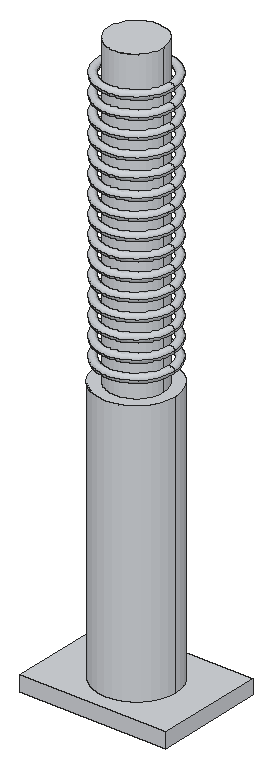
Revit family "Hydraulic Buffer with Spring v2", category Mechanical Equipment, Revit 2022
Family settings
  Round Connector Dimension = Use Diameter
  Part Type = Normal
  OmniClass Number = 23.75.00.00
  OmniClass Title = Climate Control (HVAC)
  Work Plane-Based = No
  Always vertical = Yes
  Cut with Voids When Loaded = No
  Maintain Annotation Orientation = No
  Shared = No
  Room Calculation Point = No
Parameters (values of type "YHC275/A")
  LiftBuffer_Stroke = 100
  Stroke Diameter = 75 mm
  Mounting plate width = 150 mm
  Mounting plate height = 20 mm
  Mounting plate Length = 200 mm
  LiftBuffer_RatedSpeed = 2.0 m/s
  LiftBuffer_FixedToCar = yes
  LiftBuffer_ImpactMassRange = 3000
  Buffer Height = 810 mm
  Default Elevation = 0 mm
  Cylinder Height = 385 mm
  Cylinder Diameter = 108 mm
Types (4, lengths in mm): name | LiftBuffer_Stroke | LiftBuffer_RatedSpeed | LiftBuffer_ImpactMassRange | Buffer Height | Cylinder Height
  (no name) | 100 | 2.0 m/s | 3000 | 810 | 385
  YHC175/A | 0 | 0.0 m/s | 0 | 580 | 290
  YHC275/A | 100 | 2.0 m/s | 3000 | 810 | 385
  YHC206 | 0 | 0.0 m/s | 0 | 673 | 336.5
Reference planes
  plane 1 "Center (Front/Back)": y = 0
  plane 2: z = 0
  plane 3 "Center (Left/Right)": x = 0
  plane 4 "Mounting plate": z = 200
  plane 5 "Cylinder Height": z = 900
  plane 6 "Free stroke height": z = 1600
Forms (mm)
  Extrusion 1, solid
    sketch origin (0, 0, 0) x (1, 0, 0) y (0, 1, 0)
      loop
        line (-100, 75) -> (-100, -75) -> (100, -75) -> (100, 75) -> (-100, 75)
    from 0 to 20 <- "Mounting plate height"
  Extrusion 2, solid
    sketch origin (0, 0, 0) x (1, 0, 0) y (0, 1, 0)
      loop
        circle (0, 0) r 54
    from 0 to 385 <- "Cylinder Height"
  Extrusion 3, solid
    sketch origin (0, 0, 0) x (1, 0, 0) y (0, 1, 0)
      loop
        circle (0, 0) r 37.5
    from 385 to 810 <- "Buffer Height"
  Revolve 4, solid
    sketch origin (0, 0, 0) x (1, 0, 0) y (0, 0, 1)
      loop
        circle (-47.188, 415.484) r 5
      axis (0, 415.484) -> (0, 414.484)
    angle from 0 to 360
  Revolve 5, solid
    sketch origin (0, 0, 25) x (1, 0, 0) y (0, 0, 1)
      loop
        circle (-47.188, 415.484) r 5
      axis (0, 415.484) -> (0, 414.484)
    angle from 0 to 360
  Revolve 6, solid
    sketch origin (0, 0, 50) x (1, 0, 0) y (0, 0, 1)
      loop
        circle (-47.188, 415.484) r 5
      axis (0, 415.484) -> (0, 414.484)
    angle from 0 to 360
  Revolve 7, solid
    sketch origin (0, 0, 75) x (1, 0, 0) y (0, 0, 1)
      loop
        circle (-47.188, 415.484) r 5
      axis (0, 415.484) -> (0, 414.484)
    angle from 0 to 360
  Revolve 8, solid
    sketch origin (0, 0, 100) x (1, 0, 0) y (0, 0, 1)
      loop
        circle (-47.188, 415.484) r 5
      axis (0, 415.484) -> (0, 414.484)
    angle from 0 to 360
  Revolve 9, solid
    sketch origin (0, 0, 125) x (1, 0, 0) y (0, 0, 1)
      loop
        circle (-47.188, 415.484) r 5
      axis (0, 415.484) -> (0, 414.484)
    angle from 0 to 360
  Revolve 10, solid
    sketch origin (0, 0, 150) x (1, 0, 0) y (0, 0, 1)
      loop
        circle (-47.188, 415.484) r 5
      axis (0, 415.484) -> (0, 414.484)
    angle from 0 to 360
  Revolve 11, solid
    sketch origin (0, 0, 175) x (1, 0, 0) y (0, 0, 1)
      loop
        circle (-47.188, 415.484) r 5
      axis (0, 415.484) -> (0, 414.484)
    angle from 0 to 360
  Revolve 12, solid
    sketch origin (0, 0, 200) x (1, 0, 0) y (0, 0, 1)
      loop
        circle (-47.188, 415.484) r 5
      axis (0, 415.484) -> (0, 414.484)
    angle from 0 to 360
  Revolve 13, solid
    sketch origin (0, 0, 225) x (1, 0, 0) y (0, 0, 1)
      loop
        circle (-47.188, 415.484) r 5
      axis (0, 415.484) -> (0, 414.484)
    angle from 0 to 360
  Revolve 14, solid
    sketch origin (0, 0, 250) x (1, 0, 0) y (0, 0, 1)
      loop
        circle (-47.188, 415.484) r 5
      axis (0, 415.484) -> (0, 414.484)
    angle from 0 to 360
  Revolve 15, solid
    sketch origin (0, 0, 275) x (1, 0, 0) y (0, 0, 1)
      loop
        circle (-47.188, 415.484) r 5
      axis (0, 415.484) -> (0, 414.484)
    angle from 0 to 360
  Revolve 16, solid
    sketch origin (0, 0, 300) x (1, 0, 0) y (0, 0, 1)
      loop
        circle (-47.188, 415.484) r 5
      axis (0, 415.484) -> (0, 414.484)
    angle from 0 to 360
  Revolve 17, solid
    sketch origin (0, 0, 325) x (1, 0, 0) y (0, 0, 1)
      loop
        circle (-47.188, 415.484) r 5
      axis (0, 415.484) -> (0, 414.484)
    angle from 0 to 360
  Revolve 18, solid
    sketch origin (0, 0, 350) x (1, 0, 0) y (0, 0, 1)
      loop
        circle (-47.188, 415.484) r 5
      axis (0, 415.484) -> (0, 414.484)
    angle from 0 to 360
Dimensions and locks
  equal spacing: Extrusion 1 sketch curve, plane 1 "Center (Front/Back)", Extrusion 1 sketch curve
  equal spacing: Extrusion 1 sketch curve, plane 3 "Center (Left/Right)", Extrusion 1 sketch curve
  "Mounting plate Length": Extrusion 1 sketch curve to Extrusion 1 sketch curve
  "Mounting plate width": Extrusion 1 sketch curve to Extrusion 1 sketch curve
  equal spacing: group 1, group 2, group 3, group 4, group 5, group 6, group 7, group 8, group 9, group 10, group 11, group 12, group 13, group 14, group 15  (x3)
  "Cylinder Diameter": diameter of Extrusion 2 sketch curve
  "Stroke Diameter": diameter of Extrusion 3 sketch curve
  aligned and locked: level to plane 2
  aligned and locked: Extrusion 2 to Extrusion 3
Automatic sketch dimensions
  Revolve 4 sketch curve to Revolve 4 sketch curve = 10.484 mm
  Revolve 4 sketch curve to Revolve 4 sketch curve = 25 mm
  Revolve 4 sketch curve to Revolve 4 sketch curve = 47.188 mm
  Revolve 5 sketch curve to Revolve 5 sketch curve = 10.484 mm
  Revolve 5 sketch curve to Revolve 5 sketch curve = 25 mm
  Revolve 5 sketch curve to Revolve 5 sketch curve = 47.188 mm
  Revolve 6 sketch curve to Revolve 6 sketch curve = 10.484 mm
  Revolve 6 sketch curve to Revolve 6 sketch curve = 25 mm
  Revolve 6 sketch curve to Revolve 6 sketch curve = 47.188 mm
  Revolve 7 sketch curve to Revolve 7 sketch curve = 10.484 mm
  Revolve 7 sketch curve to Revolve 7 sketch curve = 25 mm
  Revolve 7 sketch curve to Revolve 7 sketch curve = 47.188 mm
  Revolve 8 sketch curve to Revolve 8 sketch curve = 10.484 mm
  Revolve 8 sketch curve to Revolve 8 sketch curve = 25 mm
  Revolve 8 sketch curve to Revolve 8 sketch curve = 47.188 mm
  Revolve 9 sketch curve to Revolve 9 sketch curve = 10.484 mm
  Revolve 9 sketch curve to Revolve 9 sketch curve = 25 mm
  Revolve 9 sketch curve to Revolve 9 sketch curve = 47.188 mm
  Revolve 10 sketch curve to Revolve 10 sketch curve = 10.484 mm
  Revolve 10 sketch curve to Revolve 10 sketch curve = 25 mm
  Revolve 10 sketch curve to Revolve 10 sketch curve = 47.188 mm
  Revolve 11 sketch curve to Revolve 11 sketch curve = 10.484 mm
  Revolve 11 sketch curve to Revolve 11 sketch curve = 25 mm
  Revolve 11 sketch curve to Revolve 11 sketch curve = 47.188 mm
  Revolve 12 sketch curve to Revolve 12 sketch curve = 10.484 mm
  Revolve 12 sketch curve to Revolve 12 sketch curve = 25 mm
  Revolve 12 sketch curve to Revolve 12 sketch curve = 47.188 mm
  Revolve 13 sketch curve to Revolve 13 sketch curve = 10.484 mm
  Revolve 13 sketch curve to Revolve 13 sketch curve = 25 mm
  Revolve 13 sketch curve to Revolve 13 sketch curve = 47.188 mm
  Revolve 14 sketch curve to Revolve 14 sketch curve = 10.484 mm
  Revolve 14 sketch curve to Revolve 14 sketch curve = 25 mm
  Revolve 14 sketch curve to Revolve 14 sketch curve = 47.188 mm
  Revolve 15 sketch curve to Revolve 15 sketch curve = 10.484 mm
  Revolve 15 sketch curve to Revolve 15 sketch curve = 25 mm
  Revolve 15 sketch curve to Revolve 15 sketch curve = 47.188 mm
  Revolve 16 sketch curve to Revolve 16 sketch curve = 10.484 mm
  Revolve 16 sketch curve to Revolve 16 sketch curve = 25 mm
  Revolve 16 sketch curve to Revolve 16 sketch curve = 47.188 mm
  Revolve 17 sketch curve to Revolve 17 sketch curve = 10.484 mm
  Revolve 17 sketch curve to Revolve 17 sketch curve = 25 mm
  Revolve 17 sketch curve to Revolve 17 sketch curve = 47.188 mm
  Revolve 18 sketch curve to Revolve 18 sketch curve = 10.484 mm
  Revolve 18 sketch curve to Revolve 18 sketch curve = 25 mm
  Revolve 18 sketch curve to Revolve 18 sketch curve = 47.188 mm
  plane 1 "Center (Front/Back)" to Extrusion 2 sketch curve = 0 mm
  Extrusion 2 sketch curve to plane 3 "Center (Left/Right)" = 0 mm
  plane 1 "Center (Front/Back)" to Extrusion 3 sketch curve = 0 mm
  Extrusion 3 sketch curve to plane 3 "Center (Left/Right)" = 0 mm
  radius of Revolve 4 sketch curve = 5 mm
  radius of Revolve 5 sketch curve = 5 mm
  radius of Revolve 6 sketch curve = 5 mm
  radius of Revolve 7 sketch curve = 5 mm
  radius of Revolve 8 sketch curve = 5 mm
  radius of Revolve 9 sketch curve = 5 mm
  radius of Revolve 10 sketch curve = 5 mm
  radius of Revolve 11 sketch curve = 5 mm
  radius of Revolve 12 sketch curve = 5 mm
  radius of Revolve 13 sketch curve = 5 mm
  radius of Revolve 14 sketch curve = 5 mm
  radius of Revolve 15 sketch curve = 5 mm
  radius of Revolve 16 sketch curve = 5 mm
  radius of Revolve 17 sketch curve = 5 mm
  radius of Revolve 18 sketch curve = 5 mm
